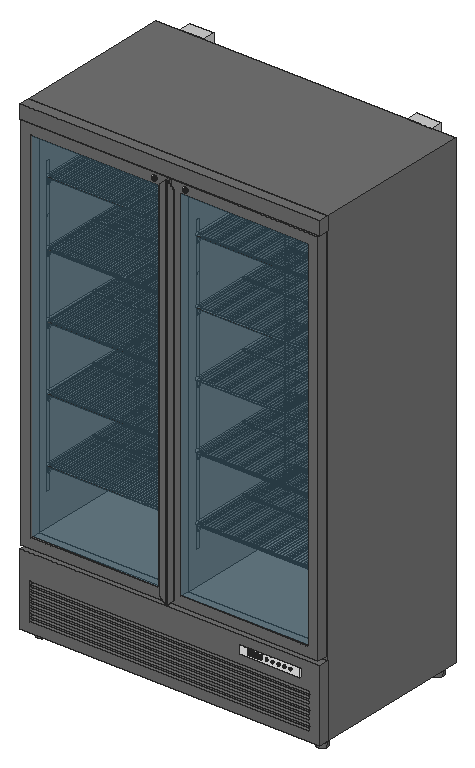
Revit family "QF_BLIZZARD_BMF2_250923020155", category Specialty Equipment, Revit 2021 (continued)
Definition of nested family "QF_BLIZZARD_BMF2_2920"
  Forms (mm)
    Extrusion 107, solid
      sketch origin (1215, -226, 200) x (0, -1, 0) y (0, 0, 1)
        loop
          line (-77, 861.989) -> (-73, 861.989) -> (-73, 865.989) -> (-77, 865.989) -> (-77, 861.989)
        loop
          line (-77, 876.989) -> (-73, 876.989) -> (-73, 880.989) -> (-77, 880.989) -> (-77, 876.989)
        loop
          line (-77, 891.989) -> (-73, 891.989) -> (-73, 895.989) -> (-77, 895.989) -> (-77, 891.989)
        loop
          line (-77, 906.989) -> (-73, 906.989) -> (-73, 910.989) -> (-77, 910.989) -> (-77, 906.989)
        loop
          line (-77, 921.989) -> (-73, 921.989) -> (-73, 925.989) -> (-77, 925.989) -> (-77, 921.989)
        loop
          line (-77, 936.989) -> (-73, 936.989) -> (-73, 940.989) -> (-77, 940.989) -> (-77, 936.989)
        loop
          line (-77, 951.989) -> (-73, 951.989) -> (-73, 955.989) -> (-77, 955.989) -> (-77, 951.989)
        loop
          line (-77, 966.989) -> (-73, 966.989) -> (-73, 970.989) -> (-77, 970.989) -> (-77, 966.989)
        loop
          line (-77, 981.989) -> (-73, 981.989) -> (-73, 985.989) -> (-77, 985.989) -> (-77, 981.989)
        loop
          line (-77, 996.989) -> (-73, 996.989) -> (-73, 1000.989) -> (-77, 1000.989) -> (-77, 996.989)
        loop
          line (-77, 1011.989) -> (-73, 1011.989) -> (-73, 1015.989) -> (-77, 1015.989) -> (-77, 1011.989)
        loop
          line (-77, 1026.989) -> (-73, 1026.989) -> (-73, 1030.989) -> (-77, 1030.989) -> (-77, 1026.989)
        loop
          line (-77, 1041.989) -> (-73, 1041.989) -> (-73, 1045.989) -> (-77, 1045.989) -> (-77, 1041.989)
        loop
          line (-77, 1056.989) -> (-73, 1056.989) -> (-73, 1060.989) -> (-77, 1060.989) -> (-77, 1056.989)
        loop
          line (-77, 1071.989) -> (-73, 1071.989) -> (-73, 1075.989) -> (-77, 1075.989) -> (-77, 1071.989)
        loop
          line (-77, 1086.989) -> (-73, 1086.989) -> (-73, 1090.989) -> (-77, 1090.989) -> (-77, 1086.989)
        loop
          line (-77, 1101.989) -> (-73, 1101.989) -> (-73, 1105.989) -> (-77, 1105.989) -> (-77, 1101.989)
        loop
          line (-77, 1116.989) -> (-73, 1116.989) -> (-73, 1120.989) -> (-77, 1120.989) -> (-77, 1116.989)
        loop
          line (-77, 1131.989) -> (-73, 1131.989) -> (-73, 1135.989) -> (-77, 1135.989) -> (-77, 1131.989)
        loop
          line (-77, 1146.989) -> (-73, 1146.989) -> (-73, 1150.989) -> (-77, 1150.989) -> (-77, 1146.989)
        loop
          line (-77, 1161.989) -> (-73, 1161.989) -> (-73, 1165.989) -> (-77, 1165.989) -> (-77, 1161.989)
        loop
          line (-77, 1176.989) -> (-73, 1176.989) -> (-73, 1180.989) -> (-77, 1180.989) -> (-77, 1176.989)
        loop
          line (-77, 1191.989) -> (-73, 1191.989) -> (-73, 1195.989) -> (-77, 1195.989) -> (-77, 1191.989)
        loop
          line (-77, 1206.989) -> (-73, 1206.989) -> (-73, 1210.989) -> (-77, 1210.989) -> (-77, 1206.989)
        loop
          line (-77, 1221.989) -> (-73, 1221.989) -> (-73, 1225.989) -> (-77, 1225.989) -> (-77, 1221.989)
        loop
          line (-77, 1236.989) -> (-73, 1236.989) -> (-73, 1240.989) -> (-77, 1240.989) -> (-77, 1236.989)
        loop
          line (-77, 1251.989) -> (-73, 1251.989) -> (-73, 1255.989) -> (-77, 1255.989) -> (-77, 1251.989)
        loop
          line (-77, 1266.989) -> (-73, 1266.989) -> (-73, 1270.989) -> (-77, 1270.989) -> (-77, 1266.989)
        loop
          line (-77, 1281.989) -> (-73, 1281.989) -> (-73, 1285.989) -> (-77, 1285.989) -> (-77, 1281.989)
        loop
          line (-77, 1296.989) -> (-73, 1296.989) -> (-73, 1300.989) -> (-77, 1300.989) -> (-77, 1296.989)
        loop
          line (-77, 1311.989) -> (-73, 1311.989) -> (-73, 1315.989) -> (-77, 1315.989) -> (-77, 1311.989)
        loop
          line (-77, 1326.989) -> (-73, 1326.989) -> (-73, 1330.989) -> (-77, 1330.989) -> (-77, 1326.989)
        loop
          line (-77, 1341.989) -> (-73, 1341.989) -> (-73, 1345.989) -> (-77, 1345.989) -> (-77, 1341.989)
        loop
          line (-77, 1356.989) -> (-73, 1356.989) -> (-73, 1360.989) -> (-77, 1360.989) -> (-77, 1356.989)
        loop
          line (-77, 1371.989) -> (-73, 1371.989) -> (-73, 1375.989) -> (-77, 1375.989) -> (-77, 1371.989)
        loop
          line (-77, 1386.989) -> (-73, 1386.989) -> (-73, 1390.989) -> (-77, 1390.989) -> (-77, 1386.989)
        loop
          line (-77, 1401.989) -> (-73, 1401.989) -> (-73, 1405.989) -> (-77, 1405.989) -> (-77, 1401.989)
        loop
          line (-77, 1416.989) -> (-73, 1416.989) -> (-73, 1420.989) -> (-77, 1420.989) -> (-77, 1416.989)
        loop
          line (-77, 1431.989) -> (-73, 1431.989) -> (-73, 1435.989) -> (-77, 1435.989) -> (-77, 1431.989)
        loop
          line (-77, 1446.989) -> (-73, 1446.989) -> (-73, 1450.989) -> (-77, 1450.989) -> (-77, 1446.989)
        loop
          line (-77, 1461.989) -> (-73, 1461.989) -> (-73, 1465.989) -> (-77, 1465.989) -> (-77, 1461.989)
        loop
          line (-77, 1476.989) -> (-73, 1476.989) -> (-73, 1480.989) -> (-77, 1480.989) -> (-77, 1476.989)
        loop
          line (-77, 1491.989) -> (-73, 1491.989) -> (-73, 1495.989) -> (-77, 1495.989) -> (-77, 1491.989)
        loop
          line (-77, 1506.989) -> (-73, 1506.989) -> (-73, 1510.989) -> (-77, 1510.989) -> (-77, 1506.989)
        loop
          line (-77, 1521.989) -> (-73, 1521.989) -> (-73, 1525.989) -> (-77, 1525.989) -> (-77, 1521.989)
        loop
          line (-77, 1536.989) -> (-73, 1536.989) -> (-73, 1540.989) -> (-77, 1540.989) -> (-77, 1536.989)
        loop
          line (-77, 1551.989) -> (-73, 1551.989) -> (-73, 1555.989) -> (-77, 1555.989) -> (-77, 1551.989)
      from 0 to 5
    Extrusion 108, solid
      sketch origin (1215, -688.633, 200) x (0, -1, 0) y (0, 0, 1)
        loop
          line (-70, 1562) -> (-80, 1562) -> (-80, 330) -> (-70, 330) -> (-70, 1562)
        loop
          line (-77, 336.989) -> (-73, 336.989) -> (-73, 340.989) -> (-77, 340.989) -> (-77, 336.989)
        loop
          line (-77, 351.989) -> (-73, 351.989) -> (-73, 355.989) -> (-77, 355.989) -> (-77, 351.989)
        loop
          line (-77, 366.989) -> (-73, 366.989) -> (-73, 370.989) -> (-77, 370.989) -> (-77, 366.989)
        loop
          line (-77, 381.989) -> (-73, 381.989) -> (-73, 385.989) -> (-77, 385.989) -> (-77, 381.989)
        loop
          line (-77, 396.989) -> (-73, 396.989) -> (-73, 400.989) -> (-77, 400.989) -> (-77, 396.989)
        loop
          line (-77, 411.989) -> (-73, 411.989) -> (-73, 415.989) -> (-77, 415.989) -> (-77, 411.989)
        loop
          line (-77, 426.989) -> (-73, 426.989) -> (-73, 430.989) -> (-77, 430.989) -> (-77, 426.989)
        loop
          line (-77, 441.989) -> (-73, 441.989) -> (-73, 445.989) -> (-77, 445.989) -> (-77, 441.989)
        loop
          line (-77, 456.989) -> (-73, 456.989) -> (-73, 460.989) -> (-77, 460.989) -> (-77, 456.989)
        loop
          line (-77, 471.989) -> (-73, 471.989) -> (-73, 475.989) -> (-77, 475.989) -> (-77, 471.989)
        loop
          line (-77, 486.989) -> (-73, 486.989) -> (-73, 490.989) -> (-77, 490.989) -> (-77, 486.989)
        loop
          line (-77, 501.989) -> (-73, 501.989) -> (-73, 505.989) -> (-77, 505.989) -> (-77, 501.989)
        loop
          line (-77, 516.989) -> (-73, 516.989) -> (-73, 520.989) -> (-77, 520.989) -> (-77, 516.989)
        loop
          line (-77, 531.989) -> (-73, 531.989) -> (-73, 535.989) -> (-77, 535.989) -> (-77, 531.989)
        loop
          line (-77, 546.989) -> (-73, 546.989) -> (-73, 550.989) -> (-77, 550.989) -> (-77, 546.989)
        loop
          line (-77, 561.989) -> (-73, 561.989) -> (-73, 565.989) -> (-77, 565.989) -> (-77, 561.989)
        loop
          line (-77, 576.989) -> (-73, 576.989) -> (-73, 580.989) -> (-77, 580.989) -> (-77, 576.989)
        loop
          line (-77, 591.989) -> (-73, 591.989) -> (-73, 595.989) -> (-77, 595.989) -> (-77, 591.989)
        loop
          line (-77, 606.989) -> (-73, 606.989) -> (-73, 610.989) -> (-77, 610.989) -> (-77, 606.989)
        loop
          line (-77, 621.989) -> (-73, 621.989) -> (-73, 625.989) -> (-77, 625.989) -> (-77, 621.989)
        loop
          line (-77, 636.989) -> (-73, 636.989) -> (-73, 640.989) -> (-77, 640.989) -> (-77, 636.989)
        loop
          line (-77, 651.989) -> (-73, 651.989) -> (-73, 655.989) -> (-77, 655.989) -> (-77, 651.989)
        loop
          line (-77, 666.989) -> (-73, 666.989) -> (-73, 670.989) -> (-77, 670.989) -> (-77, 666.989)
        loop
          line (-77, 681.989) -> (-73, 681.989) -> (-73, 685.989) -> (-77, 685.989) -> (-77, 681.989)
        loop
          line (-77, 696.989) -> (-73, 696.989) -> (-73, 700.989) -> (-77, 700.989) -> (-77, 696.989)
        loop
          line (-77, 711.989) -> (-73, 711.989) -> (-73, 715.989) -> (-77, 715.989) -> (-77, 711.989)
        loop
          line (-77, 726.989) -> (-73, 726.989) -> (-73, 730.989) -> (-77, 730.989) -> (-77, 726.989)
        loop
          line (-77, 741.989) -> (-73, 741.989) -> (-73, 745.989) -> (-77, 745.989) -> (-77, 741.989)
        loop
          line (-77, 756.989) -> (-73, 756.989) -> (-73, 760.989) -> (-77, 760.989) -> (-77, 756.989)
        loop
          line (-77, 771.989) -> (-73, 771.989) -> (-73, 775.989) -> (-77, 775.989) -> (-77, 771.989)
        loop
          line (-77, 786.989) -> (-73, 786.989) -> (-73, 790.989) -> (-77, 790.989) -> (-77, 786.989)
        loop
          line (-77, 801.989) -> (-73, 801.989) -> (-73, 805.989) -> (-77, 805.989) -> (-77, 801.989)
        loop
          line (-77, 816.989) -> (-73, 816.989) -> (-73, 820.989) -> (-77, 820.989) -> (-77, 816.989)
        loop
          line (-77, 831.989) -> (-73, 831.989) -> (-73, 835.989) -> (-77, 835.989) -> (-77, 831.989)
        loop
          line (-77, 846.989) -> (-73, 846.989) -> (-73, 850.989) -> (-77, 850.989) -> (-77, 846.989)
        loop
          line (-77, 861.989) -> (-73, 861.989) -> (-73, 865.989) -> (-77, 865.989) -> (-77, 861.989)
        loop
          line (-77, 876.989) -> (-73, 876.989) -> (-73, 880.989) -> (-77, 880.989) -> (-77, 876.989)
        loop
          line (-77, 891.989) -> (-73, 891.989) -> (-73, 895.989) -> (-77, 895.989) -> (-77, 891.989)
        loop
          line (-77, 906.989) -> (-73, 906.989) -> (-73, 910.989) -> (-77, 910.989) -> (-77, 906.989)
        loop
          line (-77, 921.989) -> (-73, 921.989) -> (-73, 925.989) -> (-77, 925.989) -> (-77, 921.989)
        loop
          line (-77, 936.989) -> (-73, 936.989) -> (-73, 940.989) -> (-77, 940.989) -> (-77, 936.989)
        loop
          line (-77, 951.989) -> (-73, 951.989) -> (-73, 955.989) -> (-77, 955.989) -> (-77, 951.989)
        loop
          line (-77, 966.989) -> (-73, 966.989) -> (-73, 970.989) -> (-77, 970.989) -> (-77, 966.989)
        loop
          line (-77, 981.989) -> (-73, 981.989) -> (-73, 985.989) -> (-77, 985.989) -> (-77, 981.989)
        loop
          line (-77, 996.989) -> (-73, 996.989) -> (-73, 1000.989) -> (-77, 1000.989) -> (-77, 996.989)
        loop
          line (-77, 1011.989) -> (-73, 1011.989) -> (-73, 1015.989) -> (-77, 1015.989) -> (-77, 1011.989)
        loop
          line (-77, 1026.989) -> (-73, 1026.989) -> (-73, 1030.989) -> (-77, 1030.989) -> (-77, 1026.989)
        loop
          line (-77, 1041.989) -> (-73, 1041.989) -> (-73, 1045.989) -> (-77, 1045.989) -> (-77, 1041.989)
        loop
          line (-77, 1056.989) -> (-73, 1056.989) -> (-73, 1060.989) -> (-77, 1060.989) -> (-77, 1056.989)
        loop
          line (-77, 1071.989) -> (-73, 1071.989) -> (-73, 1075.989) -> (-77, 1075.989) -> (-77, 1071.989)
        loop
          line (-77, 1086.989) -> (-73, 1086.989) -> (-73, 1090.989) -> (-77, 1090.989) -> (-77, 1086.989)
        loop
          line (-77, 1101.989) -> (-73, 1101.989) -> (-73, 1105.989) -> (-77, 1105.989) -> (-77, 1101.989)
        loop
          line (-77, 1116.989) -> (-73, 1116.989) -> (-73, 1120.989) -> (-77, 1120.989) -> (-77, 1116.989)
        loop
          line (-77, 1131.989) -> (-73, 1131.989) -> (-73, 1135.989) -> (-77, 1135.989) -> (-77, 1131.989)
        loop
          line (-77, 1146.989) -> (-73, 1146.989) -> (-73, 1150.989) -> (-77, 1150.989) -> (-77, 1146.989)
        loop
          line (-77, 1161.989) -> (-73, 1161.989) -> (-73, 1165.989) -> (-77, 1165.989) -> (-77, 1161.989)
        loop
          line (-77, 1176.989) -> (-73, 1176.989) -> (-73, 1180.989) -> (-77, 1180.989) -> (-77, 1176.989)
        loop
          line (-77, 1191.989) -> (-73, 1191.989) -> (-73, 1195.989) -> (-77, 1195.989) -> (-77, 1191.989)
        loop
          line (-77, 1206.989) -> (-73, 1206.989) -> (-73, 1210.989) -> (-77, 1210.989) -> (-77, 1206.989)
        loop
          line (-77, 1221.989) -> (-73, 1221.989) -> (-73, 1225.989) -> (-77, 1225.989) -> (-77, 1221.989)
        loop
          line (-77, 1236.989) -> (-73, 1236.989) -> (-73, 1240.989) -> (-77, 1240.989) -> (-77, 1236.989)
        loop
          line (-77, 1251.989) -> (-73, 1251.989) -> (-73, 1255.989) -> (-77, 1255.989) -> (-77, 1251.989)
        loop
          line (-77, 1266.989) -> (-73, 1266.989) -> (-73, 1270.989) -> (-77, 1270.989) -> (-77, 1266.989)
        loop
          line (-77, 1281.989) -> (-73, 1281.989) -> (-73, 1285.989) -> (-77, 1285.989) -> (-77, 1281.989)
        loop
          line (-77, 1296.989) -> (-73, 1296.989) -> (-73, 1300.989) -> (-77, 1300.989) -> (-77, 1296.989)
        loop
          line (-77, 1311.989) -> (-73, 1311.989) -> (-73, 1315.989) -> (-77, 1315.989) -> (-77, 1311.989)
        loop
          line (-77, 1326.989) -> (-73, 1326.989) -> (-73, 1330.989) -> (-77, 1330.989) -> (-77, 1326.989)
        loop
          line (-77, 1341.989) -> (-73, 1341.989) -> (-73, 1345.989) -> (-77, 1345.989) -> (-77, 1341.989)
        loop
          line (-77, 1356.989) -> (-73, 1356.989) -> (-73, 1360.989) -> (-77, 1360.989) -> (-77, 1356.989)
        loop
          line (-77, 1371.989) -> (-73, 1371.989) -> (-73, 1375.989) -> (-77, 1375.989) -> (-77, 1371.989)
        loop
          line (-77, 1386.989) -> (-73, 1386.989) -> (-73, 1390.989) -> (-77, 1390.989) -> (-77, 1386.989)
        loop
          line (-77, 1401.989) -> (-73, 1401.989) -> (-73, 1405.989) -> (-77, 1405.989) -> (-77, 1401.989)
        loop
          line (-77, 1416.989) -> (-73, 1416.989) -> (-73, 1420.989) -> (-77, 1420.989) -> (-77, 1416.989)
        loop
          line (-77, 1431.989) -> (-73, 1431.989) -> (-73, 1435.989) -> (-77, 1435.989) -> (-77, 1431.989)
        loop
          line (-77, 1446.989) -> (-73, 1446.989) -> (-73, 1450.989) -> (-77, 1450.989) -> (-77, 1446.989)
        loop
          line (-77, 1461.989) -> (-73, 1461.989) -> (-73, 1465.989) -> (-77, 1465.989) -> (-77, 1461.989)
        loop
          line (-77, 1476.989) -> (-73, 1476.989) -> (-73, 1480.989) -> (-77, 1480.989) -> (-77, 1476.989)
        loop
          line (-77, 1491.989) -> (-73, 1491.989) -> (-73, 1495.989) -> (-77, 1495.989) -> (-77, 1491.989)
        loop
          line (-77, 1506.989) -> (-73, 1506.989) -> (-73, 1510.989) -> (-77, 1510.989) -> (-77, 1506.989)
        loop
          line (-77, 1521.989) -> (-73, 1521.989) -> (-73, 1525.989) -> (-77, 1525.989) -> (-77, 1521.989)
        loop
          line (-77, 1536.989) -> (-73, 1536.989) -> (-73, 1540.989) -> (-77, 1540.989) -> (-77, 1536.989)
        loop
          line (-77, 1551.989) -> (-73, 1551.989) -> (-73, 1555.989) -> (-77, 1555.989) -> (-77, 1551.989)
      from 0 to 5
    Extrusion 109, solid
      sketch origin (-403.773, -1414.75, 596.919) x (-1, 0, 0) y (0, 0, -1)
        loop
          line (-1608.773, -812.071) -> (-1608.773, -844.071) -> (-1593.825, -844.071) -> (-1608.773, -812.071)
      from -1264.75 to -1262.75
    Extrusion 110, solid
      sketch origin (1210, -538.633, 835.383) x (0, -1, 0) y (0, 0, 1)
        loop
          line (-382.633, 605.606) -> (-392.633, 605.606) -> (-392.633, 573.606) -> (-382.633, 573.606) -> (-382.633, 605.606)
      from 0 to 5
    Extrusion 111, solid
      sketch origin (-403.773, 650.117, 596.919) x (-1, 0, 0) y (0, 0, 1)
        loop
          line (-1608.773, 812.071) -> (-1593.825, 844.071) -> (-1608.773, 844.071) -> (-1608.773, 812.071)
      from -1264.75 to -1262.75
    Extrusion 112, solid
      sketch origin (1210, -226, 835.383) x (0, 1, 0) y (0, 0, -1)
        loop
          line (-382.633, -605.606) -> (-382.633, -573.606) -> (-392.633, -573.606) -> (-392.633, -605.606) -> (-382.633, -605.606)
      from 0 to 5
    Extrusion 113, solid
      sketch origin (-403.773, -1414.75, 326.919) x (-1, 0, 0) y (0, 0, -1)
        loop
          line (-1608.773, -812.071) -> (-1608.773, -844.071) -> (-1593.825, -844.071) -> (-1608.773, -812.071)
      from -1264.75 to -1262.75
    Extrusion 114, solid
      sketch origin (1210, -538.633, 565.383) x (0, -1, 0) y (0, 0, 1)
        loop
          line (-382.633, 605.606) -> (-392.633, 605.606) -> (-392.633, 573.606) -> (-382.633, 573.606) -> (-382.633, 605.606)
      from 0 to 5
    Extrusion 115, solid
      sketch origin (-403.773, 650.117, 326.919) x (-1, 0, 0) y (0, 0, 1)
        loop
          line (-1608.773, 812.071) -> (-1593.825, 844.071) -> (-1608.773, 844.071) -> (-1608.773, 812.071)
      from -1264.75 to -1262.75
    Extrusion 116, solid
      sketch origin (1210, -226, 565.383) x (0, 1, 0) y (0, 0, -1)
        loop
          line (-382.633, -605.606) -> (-382.633, -573.606) -> (-392.633, -573.606) -> (-392.633, -605.606) -> (-382.633, -605.606)
      from 0 to 5
    Extrusion 117, solid
      sketch origin (-403.773, -1414.75, 56.919) x (-1, 0, 0) y (0, 0, -1)
        loop
          line (-1608.773, -812.071) -> (-1608.773, -844.071) -> (-1593.825, -844.071) -> (-1608.773, -812.071)
      from -1264.75 to -1262.75
    Extrusion 118, solid
      sketch origin (1210, -538.633, 295.383) x (0, -1, 0) y (0, 0, 1)
        loop
          line (-382.633, 605.606) -> (-392.633, 605.606) -> (-392.633, 573.606) -> (-382.633, 573.606) -> (-382.633, 605.606)
      from 0 to 5
    Extrusion 119, solid
      sketch origin (-403.773, 650.117, 56.919) x (-1, 0, 0) y (0, 0, 1)
        loop
          line (-1608.773, 812.071) -> (-1593.825, 844.071) -> (-1608.773, 844.071) -> (-1608.773, 812.071)
      from -1264.75 to -1262.75
    Extrusion 120, solid
      sketch origin (1210, -226, 295.383) x (0, 1, 0) y (0, 0, -1)
        loop
          line (-382.633, -605.606) -> (-382.633, -573.606) -> (-392.633, -573.606) -> (-392.633, -605.606) -> (-382.633, -605.606)
      from 0 to 5
    Extrusion 121, solid
      sketch origin (-403.773, -1414.75, -213.081) x (-1, 0, 0) y (0, 0, -1)
        loop
          line (-1608.773, -812.071) -> (-1608.773, -844.071) -> (-1593.825, -844.071) -> (-1608.773, -812.071)
      from -1264.75 to -1262.75
    Extrusion 122, solid
      sketch origin (1210, -538.633, 25.383) x (0, -1, 0) y (0, 0, 1)
        loop
          line (-382.633, 605.606) -> (-392.633, 605.606) -> (-392.633, 573.606) -> (-382.633, 573.606) -> (-382.633, 605.606)
      from 0 to 5
    Extrusion 123, solid
      sketch origin (-403.773, 650.117, -213.081) x (-1, 0, 0) y (0, 0, 1)
        loop
          line (-1608.773, 812.071) -> (-1593.825, 844.071) -> (-1608.773, 844.071) -> (-1608.773, 812.071)
      from -1264.75 to -1262.75
    Extrusion 124, solid
      sketch origin (1210, -226, 25.383) x (0, 1, 0) y (0, 0, -1)
        loop
          line (-382.633, -605.606) -> (-382.633, -573.606) -> (-392.633, -573.606) -> (-392.633, -605.606) -> (-382.633, -605.606)
      from 0 to 5
    Extrusion 125, solid
      sketch origin (659.5, -688.633, 200) x (0, -1, 0) y (0, 0, -1)
        loop
          line (-70, -1362) -> (-70, -330) -> (-80, -330) -> (-80, -1362) -> (-70, -1362)
        loop
          line (-77, -336.989) -> (-77, -340.989) -> (-73, -340.989) -> (-73, -336.989) -> (-77, -336.989)
        loop
          line (-77, -351.989) -> (-77, -355.989) -> (-73, -355.989) -> (-73, -351.989) -> (-77, -351.989)
        loop
          line (-77, -366.989) -> (-77, -370.989) -> (-73, -370.989) -> (-73, -366.989) -> (-77, -366.989)
        loop
          line (-77, -381.989) -> (-77, -385.989) -> (-73, -385.989) -> (-73, -381.989) -> (-77, -381.989)
        loop
          line (-77, -396.989) -> (-77, -400.989) -> (-73, -400.989) -> (-73, -396.989) -> (-77, -396.989)
        loop
          line (-77, -411.989) -> (-77, -415.989) -> (-73, -415.989) -> (-73, -411.989) -> (-77, -411.989)
        loop
          line (-77, -426.989) -> (-77, -430.989) -> (-73, -430.989) -> (-73, -426.989) -> (-77, -426.989)
        loop
          line (-77, -441.989) -> (-77, -445.989) -> (-73, -445.989) -> (-73, -441.989) -> (-77, -441.989)
        loop
          line (-77, -456.989) -> (-77, -460.989) -> (-73, -460.989) -> (-73, -456.989) -> (-77, -456.989)
        loop
          line (-77, -471.989) -> (-77, -475.989) -> (-73, -475.989) -> (-73, -471.989) -> (-77, -471.989)
        loop
          line (-77, -486.989) -> (-77, -490.989) -> (-73, -490.989) -> (-73, -486.989) -> (-77, -486.989)
        loop
          line (-77, -501.989) -> (-77, -505.989) -> (-73, -505.989) -> (-73, -501.989) -> (-77, -501.989)
        loop
          line (-77, -516.989) -> (-77, -520.989) -> (-73, -520.989) -> (-73, -516.989) -> (-77, -516.989)
        loop
          line (-77, -531.989) -> (-77, -535.989) -> (-73, -535.989) -> (-73, -531.989) -> (-77, -531.989)
        loop
          line (-77, -546.989) -> (-77, -550.989) -> (-73, -550.989) -> (-73, -546.989) -> (-77, -546.989)
        loop
          line (-77, -561.989) -> (-77, -565.989) -> (-73, -565.989) -> (-73, -561.989) -> (-77, -561.989)
        loop
          line (-77, -576.989) -> (-77, -580.989) -> (-73, -580.989) -> (-73, -576.989) -> (-77, -576.989)
        loop
          line (-77, -591.989) -> (-77, -595.989) -> (-73, -595.989) -> (-73, -591.989) -> (-77, -591.989)
        loop
          line (-77, -606.989) -> (-77, -610.989) -> (-73, -610.989) -> (-73, -606.989) -> (-77, -606.989)
        loop
          line (-77, -621.989) -> (-77, -625.989) -> (-73, -625.989) -> (-73, -621.989) -> (-77, -621.989)
        loop
          line (-77, -636.989) -> (-77, -640.989) -> (-73, -640.989) -> (-73, -636.989) -> (-77, -636.989)
        loop
          line (-77, -651.989) -> (-77, -655.989) -> (-73, -655.989) -> (-73, -651.989) -> (-77, -651.989)
        loop
          line (-77, -666.989) -> (-77, -670.989) -> (-73, -670.989) -> (-73, -666.989) -> (-77, -666.989)
        loop
          line (-77, -681.989) -> (-77, -685.989) -> (-73, -685.989) -> (-73, -681.989) -> (-77, -681.989)
        loop
          line (-77, -696.989) -> (-77, -700.989) -> (-73, -700.989) -> (-73, -696.989) -> (-77, -696.989)
        loop
          line (-77, -711.989) -> (-77, -715.989) -> (-73, -715.989) -> (-73, -711.989) -> (-77, -711.989)
        loop
          line (-77, -726.989) -> (-77, -730.989) -> (-73, -730.989) -> (-73, -726.989) -> (-77, -726.989)
        loop
          line (-77, -741.989) -> (-77, -745.989) -> (-73, -745.989) -> (-73, -741.989) -> (-77, -741.989)
        loop
          line (-77, -756.989) -> (-77, -760.989) -> (-73, -760.989) -> (-73, -756.989) -> (-77, -756.989)
        loop
          line (-77, -771.989) -> (-77, -775.989) -> (-73, -775.989) -> (-73, -771.989) -> (-77, -771.989)
        loop
          line (-77, -786.989) -> (-77, -790.989) -> (-73, -790.989) -> (-73, -786.989) -> (-77, -786.989)
        loop
          line (-77, -801.989) -> (-77, -805.989) -> (-73, -805.989) -> (-73, -801.989) -> (-77, -801.989)
        loop
          line (-77, -816.989) -> (-77, -820.989) -> (-73, -820.989) -> (-73, -816.989) -> (-77, -816.989)
        loop
          line (-77, -831.989) -> (-77, -835.989) -> (-73, -835.989) -> (-73, -831.989) -> (-77, -831.989)
        loop
          line (-77, -846.989) -> (-77, -850.989) -> (-73, -850.989) -> (-73, -846.989) -> (-77, -846.989)
        loop
          line (-77, -861.989) -> (-77, -865.989) -> (-73, -865.989) -> (-73, -861.989) -> (-77, -861.989)
        loop
          line (-77, -876.989) -> (-77, -880.989) -> (-73, -880.989) -> (-73, -876.989) -> (-77, -876.989)
        loop
          line (-77, -891.989) -> (-77, -895.989) -> (-73, -895.989) -> (-73, -891.989) -> (-77, -891.989)
        loop
          line (-77, -906.989) -> (-77, -910.989) -> (-73, -910.989) -> (-73, -906.989) -> (-77, -906.989)
        loop
          line (-77, -921.989) -> (-77, -925.989) -> (-73, -925.989) -> (-73, -921.989) -> (-77, -921.989)
        loop
          line (-77, -936.989) -> (-77, -940.989) -> (-73, -940.989) -> (-73, -936.989) -> (-77, -936.989)
        loop
          line (-77, -951.989) -> (-77, -955.989) -> (-73, -955.989) -> (-73, -951.989) -> (-77, -951.989)
        loop
          line (-77, -966.989) -> (-77, -970.989) -> (-73, -970.989) -> (-73, -966.989) -> (-77, -966.989)
        loop
          line (-77, -981.989) -> (-77, -985.989) -> (-73, -985.989) -> (-73, -981.989) -> (-77, -981.989)
        loop
          line (-77, -996.989) -> (-77, -1000.989) -> (-73, -1000.989) -> (-73, -996.989) -> (-77, -996.989)
        loop
          line (-77, -1011.989) -> (-77, -1015.989) -> (-73, -1015.989) -> (-73, -1011.989) -> (-77, -1011.989)
        loop
          line (-77, -1026.989) -> (-77, -1030.989) -> (-73, -1030.989) -> (-73, -1026.989) -> (-77, -1026.989)
        loop
          line (-77, -1041.989) -> (-77, -1045.989) -> (-73, -1045.989) -> (-73, -1041.989) -> (-77, -1041.989)
        loop
          line (-77, -1056.989) -> (-77, -1060.989) -> (-73, -1060.989) -> (-73, -1056.989) -> (-77, -1056.989)
        loop
          line (-77, -1071.989) -> (-77, -1075.989) -> (-73, -1075.989) -> (-73, -1071.989) -> (-77, -1071.989)
        loop
          line (-77, -1086.989) -> (-77, -1090.989) -> (-73, -1090.989) -> (-73, -1086.989) -> (-77, -1086.989)
        loop
          line (-77, -1101.989) -> (-77, -1105.989) -> (-73, -1105.989) -> (-73, -1101.989) -> (-77, -1101.989)
        loop
          line (-77, -1116.989) -> (-77, -1120.989) -> (-73, -1120.989) -> (-73, -1116.989) -> (-77, -1116.989)
        loop
          line (-77, -1131.989) -> (-77, -1135.989) -> (-73, -1135.989) -> (-73, -1131.989) -> (-77, -1131.989)
        loop
          line (-77, -1146.989) -> (-77, -1150.989) -> (-73, -1150.989) -> (-73, -1146.989) -> (-77, -1146.989)
        loop
          line (-77, -1161.989) -> (-77, -1165.989) -> (-73, -1165.989) -> (-73, -1161.989) -> (-77, -1161.989)
        loop
          line (-77, -1176.989) -> (-77, -1180.989) -> (-73, -1180.989) -> (-73, -1176.989) -> (-77, -1176.989)
        loop
          line (-77, -1191.989) -> (-77, -1195.989) -> (-73, -1195.989) -> (-73, -1191.989) -> (-77, -1191.989)
        loop
          line (-77, -1206.989) -> (-77, -1210.989) -> (-73, -1210.989) -> (-73, -1206.989) -> (-77, -1206.989)
        loop
          line (-77, -1221.989) -> (-77, -1225.989) -> (-73, -1225.989) -> (-73, -1221.989) -> (-77, -1221.989)
        loop
          line (-77, -1236.989) -> (-77, -1240.989) -> (-73, -1240.989) -> (-73, -1236.989) -> (-77, -1236.989)
        loop
          line (-77, -1251.989) -> (-77, -1255.989) -> (-73, -1255.989) -> (-73, -1251.989) -> (-77, -1251.989)
        loop
          line (-77, -1266.989) -> (-77, -1270.989) -> (-73, -1270.989) -> (-73, -1266.989) -> (-77, -1266.989)
        loop
          line (-77, -1281.989) -> (-77, -1285.989) -> (-73, -1285.989) -> (-73, -1281.989) -> (-77, -1281.989)
        loop
          line (-77, -1296.989) -> (-77, -1300.989) -> (-73, -1300.989) -> (-73, -1296.989) -> (-77, -1296.989)
        loop
          line (-77, -1311.989) -> (-77, -1315.989) -> (-73, -1315.989) -> (-73, -1311.989) -> (-77, -1311.989)
        loop
          line (-77, -1326.989) -> (-77, -1330.989) -> (-73, -1330.989) -> (-73, -1326.989) -> (-77, -1326.989)
        loop
          line (-77, -1341.989) -> (-77, -1345.989) -> (-73, -1345.989) -> (-73, -1341.989) -> (-77, -1341.989)
      from 0 to 5
    Extrusion 126, solid
      sketch origin (2278.273, -1414.75, 866.919) x (1, 0, 0) y (0, 0, 1)
        loop
          line (-1608.773, 812.071) -> (-1593.825, 844.071) -> (-1608.773, 844.071) -> (-1608.773, 812.071)
      from -1264.75 to -1262.75
    Extrusion 127, solid
      sketch origin (664.5, -538.633, 1105.383) x (0, -1, 0) y (0, 0, -1)
        loop
          line (-382.633, -605.606) -> (-382.633, -573.606) -> (-392.633, -573.606) -> (-392.633, -605.606) -> (-382.633, -605.606)
      from 0 to 5
    Extrusion 128, solid
      sketch origin (2278.273, 650.117, 866.919) x (1, 0, 0) y (0, 0, -1)
        loop
          line (-1608.773, -812.071) -> (-1608.773, -844.071) -> (-1593.825, -844.071) -> (-1608.773, -812.071)
      from -1264.75 to -1262.75
    Extrusion 129, solid
      sketch origin (664.5, -226, 1105.383) x (0, 1, 0) y (0, 0, 1)
        loop
          line (-382.633, 605.606) -> (-392.633, 605.606) -> (-392.633, 573.606) -> (-382.633, 573.606) -> (-382.633, 605.606)
      from 0 to 5
    Extrusion 130, solid
      sketch origin (659.5, -226, 200) x (0, -1, 0) y (0, 0, -1)
        loop
          line (-70, -1562) -> (-70, -330) -> (-80, -330) -> (-80, -1562) -> (-70, -1562)
        loop
          line (-77, -336.989) -> (-77, -340.989) -> (-73, -340.989) -> (-73, -336.989) -> (-77, -336.989)
        loop
          line (-77, -351.989) -> (-77, -355.989) -> (-73, -355.989) -> (-73, -351.989) -> (-77, -351.989)
        loop
          line (-77, -366.989) -> (-77, -370.989) -> (-73, -370.989) -> (-73, -366.989) -> (-77, -366.989)
        loop
          line (-77, -381.989) -> (-77, -385.989) -> (-73, -385.989) -> (-73, -381.989) -> (-77, -381.989)
        loop
          line (-77, -396.989) -> (-77, -400.989) -> (-73, -400.989) -> (-73, -396.989) -> (-77, -396.989)
        loop
          line (-77, -411.989) -> (-77, -415.989) -> (-73, -415.989) -> (-73, -411.989) -> (-77, -411.989)
        loop
          line (-77, -426.989) -> (-77, -430.989) -> (-73, -430.989) -> (-73, -426.989) -> (-77, -426.989)
        loop
          line (-77, -441.989) -> (-77, -445.989) -> (-73, -445.989) -> (-73, -441.989) -> (-77, -441.989)
        loop
          line (-77, -456.989) -> (-77, -460.989) -> (-73, -460.989) -> (-73, -456.989) -> (-77, -456.989)
        loop
          line (-77, -471.989) -> (-77, -475.989) -> (-73, -475.989) -> (-73, -471.989) -> (-77, -471.989)
        loop
          line (-77, -486.989) -> (-77, -490.989) -> (-73, -490.989) -> (-73, -486.989) -> (-77, -486.989)
        loop
          line (-77, -501.989) -> (-77, -505.989) -> (-73, -505.989) -> (-73, -501.989) -> (-77, -501.989)
        loop
          line (-77, -516.989) -> (-77, -520.989) -> (-73, -520.989) -> (-73, -516.989) -> (-77, -516.989)
        loop
          line (-77, -531.989) -> (-77, -535.989) -> (-73, -535.989) -> (-73, -531.989) -> (-77, -531.989)
        loop
          line (-77, -546.989) -> (-77, -550.989) -> (-73, -550.989) -> (-73, -546.989) -> (-77, -546.989)
        loop
          line (-77, -561.989) -> (-77, -565.989) -> (-73, -565.989) -> (-73, -561.989) -> (-77, -561.989)
        loop
          line (-77, -576.989) -> (-77, -580.989) -> (-73, -580.989) -> (-73, -576.989) -> (-77, -576.989)
        loop
          line (-77, -591.989) -> (-77, -595.989) -> (-73, -595.989) -> (-73, -591.989) -> (-77, -591.989)
        loop
          line (-77, -606.989) -> (-77, -610.989) -> (-73, -610.989) -> (-73, -606.989) -> (-77, -606.989)
        loop
          line (-77, -621.989) -> (-77, -625.989) -> (-73, -625.989) -> (-73, -621.989) -> (-77, -621.989)
        loop
          line (-77, -636.989) -> (-77, -640.989) -> (-73, -640.989) -> (-73, -636.989) -> (-77, -636.989)
        loop
          line (-77, -651.989) -> (-77, -655.989) -> (-73, -655.989) -> (-73, -651.989) -> (-77, -651.989)
        loop
          line (-77, -666.989) -> (-77, -670.989) -> (-73, -670.989) -> (-73, -666.989) -> (-77, -666.989)
        loop
          line (-77, -681.989) -> (-77, -685.989) -> (-73, -685.989) -> (-73, -681.989) -> (-77, -681.989)
        loop
          line (-77, -696.989) -> (-77, -700.989) -> (-73, -700.989) -> (-73, -696.989) -> (-77, -696.989)
        loop
          line (-77, -711.989) -> (-77, -715.989) -> (-73, -715.989) -> (-73, -711.989) -> (-77, -711.989)
        loop
          line (-77, -726.989) -> (-77, -730.989) -> (-73, -730.989) -> (-73, -726.989) -> (-77, -726.989)
        loop
          line (-77, -741.989) -> (-77, -745.989) -> (-73, -745.989) -> (-73, -741.989) -> (-77, -741.989)
        loop
          line (-77, -756.989) -> (-77, -760.989) -> (-73, -760.989) -> (-73, -756.989) -> (-77, -756.989)
        loop
          line (-77, -771.989) -> (-77, -775.989) -> (-73, -775.989) -> (-73, -771.989) -> (-77, -771.989)
        loop
          line (-77, -786.989) -> (-77, -790.989) -> (-73, -790.989) -> (-73, -786.989) -> (-77, -786.989)
        loop
          line (-77, -801.989) -> (-77, -805.989) -> (-73, -805.989) -> (-73, -801.989) -> (-77, -801.989)
        loop
          line (-77, -816.989) -> (-77, -820.989) -> (-73, -820.989) -> (-73, -816.989) -> (-77, -816.989)
        loop
          line (-77, -831.989) -> (-77, -835.989) -> (-73, -835.989) -> (-73, -831.989) -> (-77, -831.989)
        loop
          line (-77, -846.989) -> (-77, -850.989) -> (-73, -850.989) -> (-73, -846.989) -> (-77, -846.989)
        loop
          line (-77, -861.989) -> (-77, -865.989) -> (-73, -865.989) -> (-73, -861.989) -> (-77, -861.989)
        loop
          line (-77, -876.989) -> (-77, -880.989) -> (-73, -880.989) -> (-73, -876.989) -> (-77, -876.989)
        loop
          line (-77, -891.989) -> (-77, -895.989) -> (-73, -895.989) -> (-73, -891.989) -> (-77, -891.989)
        loop
          line (-77, -906.989) -> (-77, -910.989) -> (-73, -910.989) -> (-73, -906.989) -> (-77, -906.989)
        loop
          line (-77, -921.989) -> (-77, -925.989) -> (-73, -925.989) -> (-73, -921.989) -> (-77, -921.989)
        loop
          line (-77, -936.989) -> (-77, -940.989) -> (-73, -940.989) -> (-73, -936.989) -> (-77, -936.989)
        loop
          line (-77, -951.989) -> (-77, -955.989) -> (-73, -955.989) -> (-73, -951.989) -> (-77, -951.989)
        loop
          line (-77, -966.989) -> (-77, -970.989) -> (-73, -970.989) -> (-73, -966.989) -> (-77, -966.989)
        loop
          line (-77, -981.989) -> (-77, -985.989) -> (-73, -985.989) -> (-73, -981.989) -> (-77, -981.989)
        loop
          line (-77, -996.989) -> (-77, -1000.989) -> (-73, -1000.989) -> (-73, -996.989) -> (-77, -996.989)
        loop
          line (-77, -1011.989) -> (-77, -1015.989) -> (-73, -1015.989) -> (-73, -1011.989) -> (-77, -1011.989)
        loop
          line (-77, -1026.989) -> (-77, -1030.989) -> (-73, -1030.989) -> (-73, -1026.989) -> (-77, -1026.989)
        loop
          line (-77, -1041.989) -> (-77, -1045.989) -> (-73, -1045.989) -> (-73, -1041.989) -> (-77, -1041.989)
        loop
          line (-77, -1056.989) -> (-77, -1060.989) -> (-73, -1060.989) -> (-73, -1056.989) -> (-77, -1056.989)
        loop
          line (-77, -1071.989) -> (-77, -1075.989) -> (-73, -1075.989) -> (-73, -1071.989) -> (-77, -1071.989)
        loop
          line (-77, -1086.989) -> (-77, -1090.989) -> (-73, -1090.989) -> (-73, -1086.989) -> (-77, -1086.989)
        loop
          line (-77, -1101.989) -> (-77, -1105.989) -> (-73, -1105.989) -> (-73, -1101.989) -> (-77, -1101.989)
        loop
          line (-77, -1116.989) -> (-77, -1120.989) -> (-73, -1120.989) -> (-73, -1116.989) -> (-77, -1116.989)
        loop
          line (-77, -1131.989) -> (-77, -1135.989) -> (-73, -1135.989) -> (-73, -1131.989) -> (-77, -1131.989)
        loop
          line (-77, -1146.989) -> (-77, -1150.989) -> (-73, -1150.989) -> (-73, -1146.989) -> (-77, -1146.989)
        loop
          line (-77, -1161.989) -> (-77, -1165.989) -> (-73, -1165.989) -> (-73, -1161.989) -> (-77, -1161.989)
        loop
          line (-77, -1176.989) -> (-77, -1180.989) -> (-73, -1180.989) -> (-73, -1176.989) -> (-77, -1176.989)
        loop
          line (-77, -1191.989) -> (-77, -1195.989) -> (-73, -1195.989) -> (-73, -1191.989) -> (-77, -1191.989)
        loop
          line (-77, -1206.989) -> (-77, -1210.989) -> (-73, -1210.989) -> (-73, -1206.989) -> (-77, -1206.989)
        loop
          line (-77, -1221.989) -> (-77, -1225.989) -> (-73, -1225.989) -> (-73, -1221.989) -> (-77, -1221.989)
        loop
          line (-77, -1236.989) -> (-77, -1240.989) -> (-73, -1240.989) -> (-73, -1236.989) -> (-77, -1236.989)
        loop
          line (-77, -1251.989) -> (-77, -1255.989) -> (-73, -1255.989) -> (-73, -1251.989) -> (-77, -1251.989)
        loop
          line (-77, -1266.989) -> (-77, -1270.989) -> (-73, -1270.989) -> (-73, -1266.989) -> (-77, -1266.989)
        loop
          line (-77, -1281.989) -> (-77, -1285.989) -> (-73, -1285.989) -> (-73, -1281.989) -> (-77, -1281.989)
        loop
          line (-77, -1296.989) -> (-77, -1300.989) -> (-73, -1300.989) -> (-73, -1296.989) -> (-77, -1296.989)
        loop
          line (-77, -1311.989) -> (-77, -1315.989) -> (-73, -1315.989) -> (-73, -1311.989) -> (-77, -1311.989)
        loop
          line (-77, -1326.989) -> (-77, -1330.989) -> (-73, -1330.989) -> (-73, -1326.989) -> (-77, -1326.989)
        loop
          line (-77, -1341.989) -> (-77, -1345.989) -> (-73, -1345.989) -> (-73, -1341.989) -> (-77, -1341.989)
        loop
          line (-77, -1356.989) -> (-77, -1360.989) -> (-73, -1360.989) -> (-73, -1356.989) -> (-77, -1356.989)
        loop
          line (-77, -1371.989) -> (-77, -1375.989) -> (-73, -1375.989) -> (-73, -1371.989) -> (-77, -1371.989)
        loop
          line (-77, -1386.989) -> (-77, -1390.989) -> (-73, -1390.989) -> (-73, -1386.989) -> (-77, -1386.989)
        loop
          line (-77, -1401.989) -> (-77, -1405.989) -> (-73, -1405.989) -> (-73, -1401.989) -> (-77, -1401.989)
        loop
          line (-77, -1416.989) -> (-77, -1420.989) -> (-73, -1420.989) -> (-73, -1416.989) -> (-77, -1416.989)
        loop
          line (-77, -1431.989) -> (-77, -1435.989) -> (-73, -1435.989) -> (-73, -1431.989) -> (-77, -1431.989)
        loop
          line (-77, -1446.989) -> (-77, -1450.989) -> (-73, -1450.989) -> (-73, -1446.989) -> (-77, -1446.989)
        loop
          line (-77, -1461.989) -> (-77, -1465.989) -> (-73, -1465.989) -> (-73, -1461.989) -> (-77, -1461.989)
        loop
          line (-77, -1476.989) -> (-77, -1480.989) -> (-73, -1480.989) -> (-73, -1476.989) -> (-77, -1476.989)
        loop
          line (-77, -1491.989) -> (-77, -1495.989) -> (-73, -1495.989) -> (-73, -1491.989) -> (-77, -1491.989)
        loop
          line (-77, -1506.989) -> (-77, -1510.989) -> (-73, -1510.989) -> (-73, -1506.989) -> (-77, -1506.989)
        loop
          line (-77, -1521.989) -> (-77, -1525.989) -> (-73, -1525.989) -> (-73, -1521.989) -> (-77, -1521.989)
        loop
          line (-77, -1536.989) -> (-77, -1540.989) -> (-73, -1540.989) -> (-73, -1536.989) -> (-77, -1536.989)
        loop
          line (-77, -1551.989) -> (-77, -1555.989) -> (-73, -1555.989) -> (-73, -1551.989) -> (-77, -1551.989)
      from 0 to 5
    Extrusion 131, solid
      sketch origin (659.5, -688.633, 200) x (0, -1, 0) y (0, 0, -1)
        loop
          line (-70, -1562) -> (-70, -330) -> (-80, -330) -> (-80, -1562) -> (-70, -1562)
        loop
          line (-77, -336.989) -> (-77, -340.989) -> (-73, -340.989) -> (-73, -336.989) -> (-77, -336.989)
        loop
          line (-77, -351.989) -> (-77, -355.989) -> (-73, -355.989) -> (-73, -351.989) -> (-77, -351.989)
        loop
          line (-77, -366.989) -> (-77, -370.989) -> (-73, -370.989) -> (-73, -366.989) -> (-77, -366.989)
        loop
          line (-77, -381.989) -> (-77, -385.989) -> (-73, -385.989) -> (-73, -381.989) -> (-77, -381.989)
        loop
          line (-77, -396.989) -> (-77, -400.989) -> (-73, -400.989) -> (-73, -396.989) -> (-77, -396.989)
        loop
          line (-77, -411.989) -> (-77, -415.989) -> (-73, -415.989) -> (-73, -411.989) -> (-77, -411.989)
        loop
          line (-77, -426.989) -> (-77, -430.989) -> (-73, -430.989) -> (-73, -426.989) -> (-77, -426.989)
        loop
          line (-77, -441.989) -> (-77, -445.989) -> (-73, -445.989) -> (-73, -441.989) -> (-77, -441.989)
        loop
          line (-77, -456.989) -> (-77, -460.989) -> (-73, -460.989) -> (-73, -456.989) -> (-77, -456.989)
        loop
          line (-77, -471.989) -> (-77, -475.989) -> (-73, -475.989) -> (-73, -471.989) -> (-77, -471.989)
        loop
          line (-77, -486.989) -> (-77, -490.989) -> (-73, -490.989) -> (-73, -486.989) -> (-77, -486.989)
        loop
          line (-77, -501.989) -> (-77, -505.989) -> (-73, -505.989) -> (-73, -501.989) -> (-77, -501.989)
        loop
          line (-77, -516.989) -> (-77, -520.989) -> (-73, -520.989) -> (-73, -516.989) -> (-77, -516.989)
        loop
          line (-77, -531.989) -> (-77, -535.989) -> (-73, -535.989) -> (-73, -531.989) -> (-77, -531.989)
        loop
          line (-77, -546.989) -> (-77, -550.989) -> (-73, -550.989) -> (-73, -546.989) -> (-77, -546.989)
        loop
          line (-77, -561.989) -> (-77, -565.989) -> (-73, -565.989) -> (-73, -561.989) -> (-77, -561.989)
        loop
          line (-77, -576.989) -> (-77, -580.989) -> (-73, -580.989) -> (-73, -576.989) -> (-77, -576.989)
        loop
          line (-77, -591.989) -> (-77, -595.989) -> (-73, -595.989) -> (-73, -591.989) -> (-77, -591.989)
        loop
          line (-77, -606.989) -> (-77, -610.989) -> (-73, -610.989) -> (-73, -606.989) -> (-77, -606.989)
        loop
          line (-77, -621.989) -> (-77, -625.989) -> (-73, -625.989) -> (-73, -621.989) -> (-77, -621.989)
        loop
          line (-77, -636.989) -> (-77, -640.989) -> (-73, -640.989) -> (-73, -636.989) -> (-77, -636.989)
        loop
          line (-77, -651.989) -> (-77, -655.989) -> (-73, -655.989) -> (-73, -651.989) -> (-77, -651.989)
        loop
          line (-77, -666.989) -> (-77, -670.989) -> (-73, -670.989) -> (-73, -666.989) -> (-77, -666.989)
        loop
          line (-77, -681.989) -> (-77, -685.989) -> (-73, -685.989) -> (-73, -681.989) -> (-77, -681.989)
        loop
          line (-77, -696.989) -> (-77, -700.989) -> (-73, -700.989) -> (-73, -696.989) -> (-77, -696.989)
        loop
          line (-77, -711.989) -> (-77, -715.989) -> (-73, -715.989) -> (-73, -711.989) -> (-77, -711.989)
        loop
          line (-77, -726.989) -> (-77, -730.989) -> (-73, -730.989) -> (-73, -726.989) -> (-77, -726.989)
        loop
          line (-77, -741.989) -> (-77, -745.989) -> (-73, -745.989) -> (-73, -741.989) -> (-77, -741.989)
        loop
          line (-77, -756.989) -> (-77, -760.989) -> (-73, -760.989) -> (-73, -756.989) -> (-77, -756.989)
        loop
          line (-77, -771.989) -> (-77, -775.989) -> (-73, -775.989) -> (-73, -771.989) -> (-77, -771.989)
        loop
          line (-77, -786.989) -> (-77, -790.989) -> (-73, -790.989) -> (-73, -786.989) -> (-77, -786.989)
        loop
          line (-77, -801.989) -> (-77, -805.989) -> (-73, -805.989) -> (-73, -801.989) -> (-77, -801.989)
        loop
          line (-77, -816.989) -> (-77, -820.989) -> (-73, -820.989) -> (-73, -816.989) -> (-77, -816.989)
        loop
          line (-77, -831.989) -> (-77, -835.989) -> (-73, -835.989) -> (-73, -831.989) -> (-77, -831.989)
        loop
          line (-77, -846.989) -> (-77, -850.989) -> (-73, -850.989) -> (-73, -846.989) -> (-77, -846.989)
        loop
          line (-77, -861.989) -> (-77, -865.989) -> (-73, -865.989) -> (-73, -861.989) -> (-77, -861.989)
        loop
          line (-77, -876.989) -> (-77, -880.989) -> (-73, -880.989) -> (-73, -876.989) -> (-77, -876.989)
        loop
          line (-77, -891.989) -> (-77, -895.989) -> (-73, -895.989) -> (-73, -891.989) -> (-77, -891.989)
        loop
          line (-77, -906.989) -> (-77, -910.989) -> (-73, -910.989) -> (-73, -906.989) -> (-77, -906.989)
        loop
          line (-77, -921.989) -> (-77, -925.989) -> (-73, -925.989) -> (-73, -921.989) -> (-77, -921.989)
        loop
          line (-77, -936.989) -> (-77, -940.989) -> (-73, -940.989) -> (-73, -936.989) -> (-77, -936.989)
        loop
          line (-77, -951.989) -> (-77, -955.989) -> (-73, -955.989) -> (-73, -951.989) -> (-77, -951.989)
        loop
          line (-77, -966.989) -> (-77, -970.989) -> (-73, -970.989) -> (-73, -966.989) -> (-77, -966.989)
        loop
          line (-77, -981.989) -> (-77, -985.989) -> (-73, -985.989) -> (-73, -981.989) -> (-77, -981.989)
        loop
          line (-77, -996.989) -> (-77, -1000.989) -> (-73, -1000.989) -> (-73, -996.989) -> (-77, -996.989)
        loop
          line (-77, -1011.989) -> (-77, -1015.989) -> (-73, -1015.989) -> (-73, -1011.989) -> (-77, -1011.989)
        loop
          line (-77, -1026.989) -> (-77, -1030.989) -> (-73, -1030.989) -> (-73, -1026.989) -> (-77, -1026.989)
        loop
          line (-77, -1041.989) -> (-77, -1045.989) -> (-73, -1045.989) -> (-73, -1041.989) -> (-77, -1041.989)
        loop
          line (-77, -1056.989) -> (-77, -1060.989) -> (-73, -1060.989) -> (-73, -1056.989) -> (-77, -1056.989)
        loop
          line (-77, -1071.989) -> (-77, -1075.989) -> (-73, -1075.989) -> (-73, -1071.989) -> (-77, -1071.989)
        loop
          line (-77, -1086.989) -> (-77, -1090.989) -> (-73, -1090.989) -> (-73, -1086.989) -> (-77, -1086.989)
        loop
          line (-77, -1101.989) -> (-77, -1105.989) -> (-73, -1105.989) -> (-73, -1101.989) -> (-77, -1101.989)
        loop
          line (-77, -1116.989) -> (-77, -1120.989) -> (-73, -1120.989) -> (-73, -1116.989) -> (-77, -1116.989)
        loop
          line (-77, -1131.989) -> (-77, -1135.989) -> (-73, -1135.989) -> (-73, -1131.989) -> (-77, -1131.989)
        loop
          line (-77, -1146.989) -> (-77, -1150.989) -> (-73, -1150.989) -> (-73, -1146.989) -> (-77, -1146.989)
        loop
          line (-77, -1161.989) -> (-77, -1165.989) -> (-73, -1165.989) -> (-73, -1161.989) -> (-77, -1161.989)
        loop
          line (-77, -1176.989) -> (-77, -1180.989) -> (-73, -1180.989) -> (-73, -1176.989) -> (-77, -1176.989)
        loop
          line (-77, -1191.989) -> (-77, -1195.989) -> (-73, -1195.989) -> (-73, -1191.989) -> (-77, -1191.989)
        loop
          line (-77, -1206.989) -> (-77, -1210.989) -> (-73, -1210.989) -> (-73, -1206.989) -> (-77, -1206.989)
        loop
          line (-77, -1221.989) -> (-77, -1225.989) -> (-73, -1225.989) -> (-73, -1221.989) -> (-77, -1221.989)
        loop
          line (-77, -1236.989) -> (-77, -1240.989) -> (-73, -1240.989) -> (-73, -1236.989) -> (-77, -1236.989)
        loop
          line (-77, -1251.989) -> (-77, -1255.989) -> (-73, -1255.989) -> (-73, -1251.989) -> (-77, -1251.989)
        loop
          line (-77, -1266.989) -> (-77, -1270.989) -> (-73, -1270.989) -> (-73, -1266.989) -> (-77, -1266.989)
        loop
          line (-77, -1281.989) -> (-77, -1285.989) -> (-73, -1285.989) -> (-73, -1281.989) -> (-77, -1281.989)
        loop
          line (-77, -1296.989) -> (-77, -1300.989) -> (-73, -1300.989) -> (-73, -1296.989) -> (-77, -1296.989)
        loop
          line (-77, -1311.989) -> (-77, -1315.989) -> (-73, -1315.989) -> (-73, -1311.989) -> (-77, -1311.989)
        loop
          line (-77, -1326.989) -> (-77, -1330.989) -> (-73, -1330.989) -> (-73, -1326.989) -> (-77, -1326.989)
        loop
          line (-77, -1341.989) -> (-77, -1345.989) -> (-73, -1345.989) -> (-73, -1341.989) -> (-77, -1341.989)
        loop
          line (-77, -1356.989) -> (-77, -1360.989) -> (-73, -1360.989) -> (-73, -1356.989) -> (-77, -1356.989)
        loop
          line (-77, -1371.989) -> (-77, -1375.989) -> (-73, -1375.989) -> (-73, -1371.989) -> (-77, -1371.989)
        loop
          line (-77, -1386.989) -> (-77, -1390.989) -> (-73, -1390.989) -> (-73, -1386.989) -> (-77, -1386.989)
        loop
          line (-77, -1401.989) -> (-77, -1405.989) -> (-73, -1405.989) -> (-73, -1401.989) -> (-77, -1401.989)
        loop
          line (-77, -1416.989) -> (-77, -1420.989) -> (-73, -1420.989) -> (-73, -1416.989) -> (-77, -1416.989)
        loop
          line (-77, -1431.989) -> (-77, -1435.989) -> (-73, -1435.989) -> (-73, -1431.989) -> (-77, -1431.989)
        loop
          line (-77, -1446.989) -> (-77, -1450.989) -> (-73, -1450.989) -> (-73, -1446.989) -> (-77, -1446.989)
        loop
          line (-77, -1461.989) -> (-77, -1465.989) -> (-73, -1465.989) -> (-73, -1461.989) -> (-77, -1461.989)
        loop
          line (-77, -1476.989) -> (-77, -1480.989) -> (-73, -1480.989) -> (-73, -1476.989) -> (-77, -1476.989)
        loop
          line (-77, -1491.989) -> (-77, -1495.989) -> (-73, -1495.989) -> (-73, -1491.989) -> (-77, -1491.989)
        loop
          line (-77, -1506.989) -> (-77, -1510.989) -> (-73, -1510.989) -> (-73, -1506.989) -> (-77, -1506.989)
        loop
          line (-77, -1521.989) -> (-77, -1525.989) -> (-73, -1525.989) -> (-73, -1521.989) -> (-77, -1521.989)
        loop
          line (-77, -1536.989) -> (-77, -1540.989) -> (-73, -1540.989) -> (-73, -1536.989) -> (-77, -1536.989)
        loop
          line (-77, -1551.989) -> (-77, -1555.989) -> (-73, -1555.989) -> (-73, -1551.989) -> (-77, -1551.989)
      from 0 to 5
    Extrusion 132, solid
      sketch origin (2278.273, -1414.75, 596.919) x (1, 0, 0) y (0, 0, 1)
        loop
          line (-1608.773, 812.071) -> (-1593.825, 844.071) -> (-1608.773, 844.071) -> (-1608.773, 812.071)
      from -1264.75 to -1262.75
    Extrusion 133, solid
      sketch origin (664.5, -538.633, 835.383) x (0, -1, 0) y (0, 0, -1)
        loop
          line (-382.633, -605.606) -> (-382.633, -573.606) -> (-392.633, -573.606) -> (-392.633, -605.606) -> (-382.633, -605.606)
      from 0 to 5
    Extrusion 134, solid
      sketch origin (2278.273, 650.117, 596.919) x (1, 0, 0) y (0, 0, -1)
        loop
          line (-1608.773, -812.071) -> (-1608.773, -844.071) -> (-1593.825, -844.071) -> (-1608.773, -812.071)
      from -1264.75 to -1262.75
    Extrusion 135, solid
      sketch origin (664.5, -226, 835.383) x (0, 1, 0) y (0, 0, 1)
        loop
          line (-382.633, 605.606) -> (-392.633, 605.606) -> (-392.633, 573.606) -> (-382.633, 573.606) -> (-382.633, 605.606)
      from 0 to 5
    Extrusion 136, solid
      sketch origin (2278.273, -1414.75, 326.919) x (1, 0, 0) y (0, 0, 1)
        loop
          line (-1608.773, 812.071) -> (-1593.825, 844.071) -> (-1608.773, 844.071) -> (-1608.773, 812.071)
      from -1264.75 to -1262.75
    Extrusion 137, solid
      sketch origin (664.5, -538.633, 565.383) x (0, -1, 0) y (0, 0, -1)
        loop
          line (-382.633, -605.606) -> (-382.633, -573.606) -> (-392.633, -573.606) -> (-392.633, -605.606) -> (-382.633, -605.606)
      from 0 to 5
    Extrusion 138, solid
      sketch origin (2278.273, 650.117, 326.919) x (1, 0, 0) y (0, 0, -1)
        loop
          line (-1608.773, -812.071) -> (-1608.773, -844.071) -> (-1593.825, -844.071) -> (-1608.773, -812.071)
      from -1264.75 to -1262.75
    Extrusion 139, solid
      sketch origin (664.5, -226, 565.383) x (0, 1, 0) y (0, 0, 1)
        loop
          line (-382.633, 605.606) -> (-392.633, 605.606) -> (-392.633, 573.606) -> (-382.633, 573.606) -> (-382.633, 605.606)
      from 0 to 5
    Extrusion 140, solid
      sketch origin (2278.273, -1414.75, 56.919) x (1, 0, 0) y (0, 0, 1)
        loop
          line (-1608.773, 812.071) -> (-1593.825, 844.071) -> (-1608.773, 844.071) -> (-1608.773, 812.071)
      from -1264.75 to -1262.75
    Extrusion 141, solid
      sketch origin (664.5, -538.633, 295.383) x (0, -1, 0) y (0, 0, -1)
        loop
          line (-382.633, -605.606) -> (-382.633, -573.606) -> (-392.633, -573.606) -> (-392.633, -605.606) -> (-382.633, -605.606)
      from 0 to 5
    Extrusion 142, solid
      sketch origin (2278.273, 650.117, 56.919) x (1, 0, 0) y (0, 0, -1)
        loop
          line (-1608.773, -812.071) -> (-1608.773, -844.071) -> (-1593.825, -844.071) -> (-1608.773, -812.071)
      from -1264.75 to -1262.75
    Extrusion 143, solid
      sketch origin (664.5, -226, 295.383) x (0, 1, 0) y (0, 0, 1)
        loop
          line (-382.633, 605.606) -> (-392.633, 605.606) -> (-392.633, 573.606) -> (-382.633, 573.606) -> (-382.633, 605.606)
      from 0 to 5
    Extrusion 144, solid
      sketch origin (2278.273, -1414.75, -213.081) x (1, 0, 0) y (0, 0, 1)
        loop
          line (-1608.773, 812.071) -> (-1593.825, 844.071) -> (-1608.773, 844.071) -> (-1608.773, 812.071)
      from -1264.75 to -1262.75
    Extrusion 145, solid
      sketch origin (664.5, -538.633, 25.383) x (0, -1, 0) y (0, 0, -1)
        loop
          line (-382.633, -605.606) -> (-382.633, -573.606) -> (-392.633, -573.606) -> (-392.633, -605.606) -> (-382.633, -605.606)
      from 0 to 5
    Extrusion 146, solid
      sketch origin (2278.273, 650.117, -213.081) x (1, 0, 0) y (0, 0, -1)
        loop
          line (-1608.773, -812.071) -> (-1608.773, -844.071) -> (-1593.825, -844.071) -> (-1608.773, -812.071)
      from -1264.75 to -1262.75
    Extrusion 147, solid
      sketch origin (664.5, -226, 25.383) x (0, 1, 0) y (0, 0, 1)
        loop
          line (-382.633, 605.606) -> (-392.633, 605.606) -> (-392.633, 573.606) -> (-382.633, 573.606) -> (-382.633, 605.606)
      from 0 to 5
    Sweep 148, solid
      path origin (1202.859, -189.803, 1443.371) x (-1, 0, 0) y (0, -1, 0)
        loop
          line (9.859, -55.803) -> (521.359, -55.803)
          arc (521.359, -55.803) -> (529.844, -52.288) -> (533.359, -43.803) r 12
          line (533.359, -43.803) -> (533.359, 428.83)
          arc (533.359, 428.83) -> (529.844, 437.316) -> (521.359, 440.83) r 12
          line (521.359, 440.83) -> (9.859, 440.83)
          arc (9.859, 440.83) -> (1.373, 437.316) -> (-2.141, 428.83) r 12
          line (-2.141, 428.83) -> (-2.141, -43.803)
          arc (-2.141, -43.803) -> (1.373, -52.288) -> (9.859, -55.803) r 12
      profile origin (937.25, -134, 1443.371) x (0, -1, 0) y (0, 0, 1)
        loop
          circle (0, 0) r 3.5
    Extrusion 149, solid
      sketch origin (1205, -189.803, 1443.371) x (-1, 0, 0) y (0, 0, -1)
        loop
          circle (13.5, -4.5) r 1
        loop
          circle (26, -4.5) r 1
        loop
          circle (38.5, -4.5) r 1
        loop
          circle (51, -4.5) r 1
        loop
          circle (63.5, -4.5) r 1
        loop
          circle (76, -4.5) r 1
        loop
          circle (88.5, -4.5) r 1
        loop
          circle (101, -4.5) r 1
        loop
          circle (113.5, -4.5) r 1
        loop
          circle (126, -4.5) r 1
        loop
          circle (138.5, -4.5) r 1
        loop
          circle (151, -4.5) r 1
        loop
          circle (163.5, -4.5) r 1
        loop
          circle (176, -4.5) r 1
        loop
          circle (188.5, -4.5) r 1
        loop
          circle (201, -4.5) r 1
        loop
          circle (213.5, -4.5) r 1
        loop
          circle (226, -4.5) r 1
        loop
          circle (238.5, -4.5) r 1
        loop
          circle (251, -4.5) r 1
        loop
          circle (263.5, -4.5) r 1
        loop
          circle (276, -4.5) r 1
        loop
          circle (288.5, -4.5) r 1
        loop
          circle (301, -4.5) r 1
        loop
          circle (313.5, -4.5) r 1
        loop
          circle (326, -4.5) r 1
        loop
          circle (338.5, -4.5) r 1
        loop
          circle (351, -4.5) r 1
        loop
          circle (363.5, -4.5) r 1
        loop
          circle (376, -4.5) r 1
        loop
          circle (388.5, -4.5) r 1
        loop
          circle (401, -4.5) r 1
        loop
          circle (413.5, -4.5) r 1
        loop
          circle (426, -4.5) r 1
        loop
          circle (438.5, -4.5) r 1
        loop
          circle (451, -4.5) r 1
        loop
          circle (463.5, -4.5) r 1
        loop
          circle (476, -4.5) r 1
        loop
          circle (488.5, -4.5) r 1
        loop
          circle (501, -4.5) r 1
        loop
          circle (513.5, -4.5) r 1
      from -55.803 to 440.197
    Extrusion 150, solid
      sketch origin (1205, -170.816, 1443.371) x (0, 1, 0) y (0, 0, -1)
        loop
          circle (-211.5, 0) r 3.5
      from 0 to 535.5
    Sweep 151, solid
      path origin (1202.859, -189.803, 1173.371) x (-1, 0, 0) y (0, -1, 0)
        loop
          line (9.859, -55.803) -> (521.359, -55.803)
          arc (521.359, -55.803) -> (529.844, -52.288) -> (533.359, -43.803) r 12
          line (533.359, -43.803) -> (533.359, 428.83)
          arc (533.359, 428.83) -> (529.844, 437.316) -> (521.359, 440.83) r 12
          line (521.359, 440.83) -> (9.859, 440.83)
          arc (9.859, 440.83) -> (1.373, 437.316) -> (-2.141, 428.83) r 12
          line (-2.141, 428.83) -> (-2.141, -43.803)
          arc (-2.141, -43.803) -> (1.373, -52.288) -> (9.859, -55.803) r 12
      profile origin (937.25, -134, 1173.371) x (0, -1, 0) y (0, 0, 1)
        loop
          circle (0, 0) r 3.5
    Extrusion 152, solid
      sketch origin (1205, -189.803, 1173.371) x (-1, 0, 0) y (0, 0, -1)
        loop
          circle (13.5, -4.5) r 1
        loop
          circle (26, -4.5) r 1
        loop
          circle (38.5, -4.5) r 1
        loop
          circle (51, -4.5) r 1
        loop
          circle (63.5, -4.5) r 1
        loop
          circle (76, -4.5) r 1
        loop
          circle (88.5, -4.5) r 1
        loop
          circle (101, -4.5) r 1
        loop
          circle (113.5, -4.5) r 1
        loop
          circle (126, -4.5) r 1
        loop
          circle (138.5, -4.5) r 1
        loop
          circle (151, -4.5) r 1
        loop
          circle (163.5, -4.5) r 1
        loop
          circle (176, -4.5) r 1
        loop
          circle (188.5, -4.5) r 1
        loop
          circle (201, -4.5) r 1
        loop
          circle (213.5, -4.5) r 1
        loop
          circle (226, -4.5) r 1
        loop
          circle (238.5, -4.5) r 1
        loop
          circle (251, -4.5) r 1
        loop
          circle (263.5, -4.5) r 1
        loop
          circle (276, -4.5) r 1
        loop
          circle (288.5, -4.5) r 1
        loop
          circle (301, -4.5) r 1
        loop
          circle (313.5, -4.5) r 1
        loop
          circle (326, -4.5) r 1
        loop
          circle (338.5, -4.5) r 1
        loop
          circle (351, -4.5) r 1
        loop
          circle (363.5, -4.5) r 1
        loop
          circle (376, -4.5) r 1
        loop
          circle (388.5, -4.5) r 1
        loop
          circle (401, -4.5) r 1
        loop
          circle (413.5, -4.5) r 1
        loop
          circle (426, -4.5) r 1
        loop
          circle (438.5, -4.5) r 1
        loop
          circle (451, -4.5) r 1
